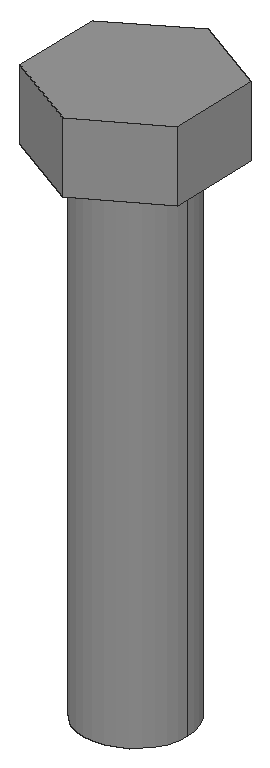
Revit family "Lag Bolt", category Generic Models, Revit 2017
Family settings
  Can host rebar = No
  Round Connector Dimension = Use Diameter
  Part Type = Normal
  Work Plane-Based = Yes
  Always vertical = No
  Cut with Voids When Loaded = No
  Shared = No
  Room Calculation Point = No
Parameters (values of type "5/8" x 3"")
  Side = Head Size * 0.57812  # 0' - 0.54199"
  Radius = Diameter / 2  # 0' - 0 5/16"
  Length = 0' - 3"
  Head Size = 0' - 0 15/16"
  Head Radius = Head Size / 2  # 0' - 0 15/32"
  Head Height = 0' - 0 27/64"
  Diameter = 0' - 0 5/8"
  Default Elevation = 4' - 0"
  Bolt Material (Size) [instance] = STRUCTURAL BOLTS (PAINT TO MATCH STEEL FINISH)
Types (8): name | Side | Radius | Length | Head Size | Head Radius | Head Height | Diameter
  1/2" x 3" | 0' - 0 111/256" | 0' - 0 1/4" | 0' - 3" | 0' - 0 3/4" | 0' - 0 3/8" | 0' - 0 11/32" | 0' - 0 1/2"
  1/4" x 3" | 0' - 0.25293" | 0' - 0 1/8" | 0' - 3" | 0' - 0 7/16" | 0' - 0 7/32" | 0' - 0 11/64" | 0' - 0 1/4"
  5/16" x 3" | 0' - 0 37/128" | 0' - 0 5/32" | 0' - 3" | 0' - 0 1/2" | 0' - 0 1/4" | 0' - 0 7/32" | 0' - 0 5/16"
  3/8" x 3" | 0' - 0.3252" | 0' - 0 3/16" | 0' - 3" | 0' - 0 9/16" | 0' - 0 9/32" | 0' - 0 1/4" | 0' - 0 3/8"
  7/16" x 3" | 0' - 0.36133" | 0' - 0 7/32" | 0' - 3" | 0' - 0 5/8" | 0' - 0 5/16" | 0' - 0 19/64" | 0' - 0 7/16"
  5/8" x 3" | 0' - 0.54199" | 0' - 0 5/16" | 0' - 3" | 0' - 0 15/16" | 0' - 0 15/32" | 0' - 0 27/64" | 0' - 0 5/8"
  3/4" x 3" | 0' - 0.65039" | 0' - 0 3/8" | 0' - 3" | 0' - 1 1/8" | 0' - 0 9/16" | 0' - 0 1/2" | 0' - 0 3/4"
  1/2" x 2 1/2" | 0' - 0 111/256" | 0' - 0 1/4" | 0' - 2 1/2" | 0' - 0 3/4" | 0' - 0 3/8" | 0' - 0 11/32" | 0' - 0 1/2"
Reference planes (in)
  plane 1 "Center (Front/Back)": y = 0
  plane 2: z = 0
  plane 3 "Center (Left/Right)": x = 0
  plane 4: z = 0.42187
  plane 5: z = -3
  plane 6: y = 0
  plane 7: x = 0
Forms (in)
  Extrusion 1, solid, material "STRUCTURAL BOLTS (PAINT TO MATCH STEEL FINISH)" <- "Bolt Material (Size)"
    sketch origin (0, 0, 0) x (1, 0, 0) y (0, 1, 0)
      loop
        line (0, 0.54127) -> (-0.46875, 0.27063) -> (-0.46875, -0.27063) -> (0, -0.54127) -> (0.46875, -0.27063) -> (0.46875, 0.27063) -> (0, 0.54127)
    from 0 to 0.42187
  Extrusion 2, solid, material "STRUCTURAL BOLTS (PAINT TO MATCH STEEL FINISH)" <- "Bolt Material (Size)"
    sketch origin (0, 0, 0) x (1, 0, 0) y (0, 1, 0)
      loop
        circle (0, 0) r 0.3125
    from -3 to 0
Lines and regions (in)
  model lines, style "InvisibleLines"
    curve 1: line (0, -0.54127, 0.42187) -> (0, 0.54127, 0.42187)
    curve 2: line (0.625, 0, 0.42187) -> (-0.46875, 0, 0.42187)
  symbolic lines, style "InvisibleLines"
    curve 3: line (0, 0, 0.42187) -> (0, 0, -3)
    curve 4: line (0, 0, 0.42187) -> (0, 0, -3)
Dimensions and locks (in)
  "Head Height": plane 4 to level
  "Length": level to plane 5
  "Head Radius": Extrusion 1 sketch curve to plane 3 "Center (Left/Right)"
  "Head Radius": Extrusion 1 sketch curve to plane 7
  "Head Radius": Extrusion 1 sketch curve to plane 6  (x2)
  "Radius": radius of Extrusion 2 sketch curve
  locked: Extrusion 1 sketch curve to Extrusion 1 sketch curve (angle 120.00°)  (x5)
  aligned and locked: level to plane 2
  aligned and locked: Extrusion 1 to plane 4
  aligned and locked: Extrusion 2 to plane 5
  aligned and locked: plane 7 to curve 1
  aligned and locked: plane 6 to curve 2
  aligned and locked: plane 6 to curve 4
Automatic sketch dimensions
  curve 2 to Extrusion 1 = 0' - 0"
  curve 1 to Extrusion 1 = 0' - 0"
  Extrusion 1 to curve 1 = 0' - 0"
  Extrusion 1 to curve 2 = 0' - 0 5/32"
  curve 3 to plane 3 "Center (Left/Right)" = 0' - 0"
  curve 3 to plane 5 = 0' - 0"
  curve 3 to plane 4 = 0' - 0"
  curve 4 to plane 5 = 0' - 0"
  curve 4 to plane 4 = 0' - 0"
  Extrusion 1 sketch curve to plane 3 "Center (Left/Right)" = 0' - 0"  (x2)
  plane 1 "Center (Front/Back)" to Extrusion 2 sketch curve = 0' - 0"
  Extrusion 2 sketch curve to plane 3 "Center (Left/Right)" = 0' - 0"
